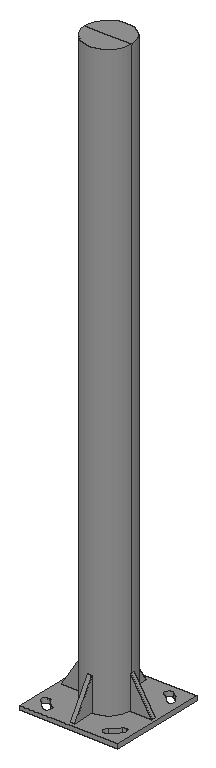
Revit family "Pole", category Lighting Fixtures, host Face, Revit 2022
Family settings
  Host = Face
  Round Connector Dimension = Use Diameter
  Part Type = Normal
  Cut with Voids When Loaded = Yes
  Light Source = No
  Maintain Annotation Orientation = No
  Shared = No
  Room Calculation Point = No
Parameters
  URL = "https://www.abovealllighting.com/Product/LED-OUTDOOR-FIXTURES/LEDMOONSERIESPOSTTOP/RubikPoleLightRBK5.html"
  Power Factor = ""
  Manufacturer = "Above All Lighting"  # constant formula
  Load Classification = Lighting
  Lamp = ""
  IP Rating = ""
  Default Elevation = 0' - 0"
Reference planes (in)
  plane 1 "Center (Front/Back)": y = 0
  plane 2: z = 0
  plane 3 "Center (Left/Right)": x = 0
  plane 4: z = 0.39
  plane 5: z = 60.39
Forms (in)
  Revolve 1, solid, material "Metal, Paint Finish, Black, Matte"
    sketch origin (0, 0, 0) x (1, 0, 0) y (0, 0, 1)
      loop
        line (0, 0.39) -> (0, 60.39) -> (-2.36, 60.39) -> (-2.36, 0.39) -> (0, 0.39)
      axis (0, 60.39) -> (0, 0.39)
    angle from 0 to 360
  Extrusion 2, solid, material "Metal, Paint Finish, Black, Matte"
    sketch origin (0, 0, 0) x (1, 0, 0) y (0, 1, 0)
      loop
        line (-4.92, 4.92) -> (-4.92, -4.92) -> (4.92, -4.92) -> (4.92, 4.92) -> (-4.92, 4.92)
    from 0 to 0.39
  Extrusion 3, void
    sketch origin (0, 0, 0) x (1, 0, 0) y (0, 1, 0)
      loop
        arc (-3.25684, 4.20461) -> (-3.7607, 3.7607) -> (-4.20461, 3.25684) r 5.31844
        arc (-4.20461, 3.25684) -> (-4.12063, 2.71461) -> (-3.57462, 2.76886) r 0.39903
        arc (-3.57462, 2.76886) -> (-3.19723, 3.19723) -> (-2.76886, 3.57462) r 4.52156
        arc (-2.76886, 3.57462) -> (-2.71461, 4.12063) -> (-3.25684, 4.20461) r 0.39903
      loop
        arc (3.25684, 4.20461) -> (2.71461, 4.12063) -> (2.76886, 3.57462) r 0.39903
        arc (2.76886, 3.57462) -> (3.19723, 3.19723) -> (3.57462, 2.76886) r 4.52156
        arc (3.57462, 2.76886) -> (4.12063, 2.71461) -> (4.20461, 3.25684) r 0.39903
        arc (4.20461, 3.25684) -> (3.7607, 3.7607) -> (3.25684, 4.20461) r 5.31844
      loop
        arc (-3.25684, -4.20461) -> (-2.71461, -4.12063) -> (-2.76886, -3.57462) r 0.39903
        arc (-2.76886, -3.57462) -> (-3.19723, -3.19723) -> (-3.57462, -2.76886) r 4.52156
        arc (-3.57462, -2.76886) -> (-4.12063, -2.71461) -> (-4.20461, -3.25684) r 0.39903
        arc (-4.20461, -3.25684) -> (-3.7607, -3.7607) -> (-3.25684, -4.20461) r 5.31844
      loop
        arc (3.25684, -4.20461) -> (3.7607, -3.7607) -> (4.20461, -3.25684) r 5.31844
        arc (4.20461, -3.25684) -> (4.12063, -2.71461) -> (3.57462, -2.76886) r 0.39903
        arc (3.57462, -2.76886) -> (3.19723, -3.19723) -> (2.76886, -3.57462) r 4.52156
        arc (2.76886, -3.57462) -> (2.71461, -4.12063) -> (3.25684, -4.20461) r 0.39903
    from 0 to 0.39
  Extrusion 4, solid, material "Metal, Paint Finish, Black, Matte"
    sketch origin (0, 0.2049, 0) x (1, 0, 0) y (0, 0, 1)
      loop
        line (-4.5, 0.39) -> (-2.34616, 0.39) -> (-2.34616, 3.78219) -> (-2.38032, 3.78219) -> (-4.5, 0.39)
    from 0 to 0.40979
  Extrusion 5, solid, material "Metal, Paint Finish, Black, Matte"
    sketch origin (0, 0.2049, 0) x (-1, 0, 0) y (0, 0, -1)
      loop
        line (-4.5, -0.39) -> (-2.38032, -3.78219) -> (-2.34616, -3.78219) -> (-2.34616, -0.39) -> (-4.5, -0.39)
    from 0 to 0.40979
  Extrusion 6, solid, material "Metal, Paint Finish, Black, Matte"
    sketch origin (-0.2049, 0, 0) x (0, 1, 0) y (0, 0, 1)
      loop
        line (-4.5, 0.39) -> (-2.34616, 0.39) -> (-2.34616, 3.78219) -> (-2.38032, 3.78219) -> (-4.5, 0.39)
    from 0 to 0.40979
  Extrusion 7, solid, material "Metal, Paint Finish, Black, Matte"
    sketch origin (-0.2049, 0, 0) x (0, -1, 0) y (0, 0, -1)
      loop
        line (-4.5, -0.39) -> (-2.38032, -3.78219) -> (-2.34616, -3.78219) -> (-2.34616, -0.39) -> (-4.5, -0.39)
    from 0 to 0.40979
Cuts and joins
  Extrusion 3 cuts Extrusion 2
Dimensions and locks (in)
  aligned and locked: plane 2 to host face
  aligned and locked: level to host face
  aligned and locked: plane 5 to Revolve 1 sketch curve
  aligned and locked: Revolve 1 sketch curve to plane 4
  aligned and locked: Extrusion 2 to plane 4
  aligned and locked: Extrusion 3 to plane 4
